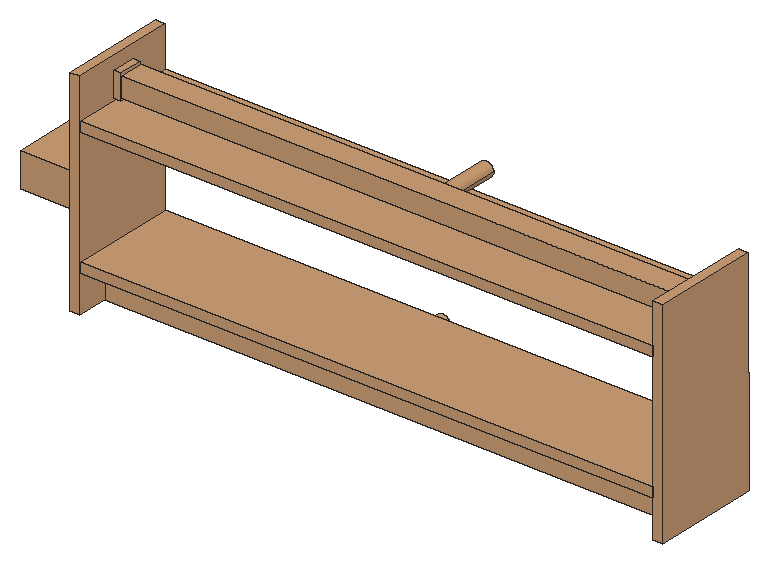
Revit family
Parameters
  Center Of Unit = 0' - 0"  # constant formula
  Water Pressure Drop [instance] = 0.00 psi
  Water Flow [instance] = 0 GPM
  Unit Weight (lbs) = 795
  URL = "http://www.ljwing.com/"
  Water Outlet Radius = 0' - 1 1/2"
  Water Outlet Odd sizes = 0' - 5 23/64"
  Total Heating Capacity [instance] = 0.0 Btu/h
  Temperature Rise [instance] = 0 °F
  Series = "VIFB"
  Outlet Area = 19.70 SF
  Number of Rows = 1  # constant formula
  Number of Coils [instance] = 0
  Nominal Length = 10' - 1 29/32"
  Model = "VA-11"
  Manufacturer = "LJ Wing"
  Leaving Water Temperature [instance] = 0 °F
  Leaving Air Temperature [instance] = 0 °F
  Face Velocity (FPM) [instance] = 0
  Entering Water Temperature [instance] = 0 °F
  Entering Air Temperature [instance] = 0 °F
  Description = "Vertical Integral Face & Bypass Water Heating Coils"
  Hot Water Odd Sizes = 0' - 5 23/64"
  Hot Water Inlet Offset = 0' - 4 3/8"  # constant formula
  Hot Water Inlet  Radius = 0' - 1 1/2"
  Coil Face Area = Outlet Area * 0.56  # 11.032 SF
  Casing Material = ""
  Assembly Code = "D3020300"
  Air Pressure Drop [instance] = 0.00 in-wg
  Air Inlet Width = Nominal Length - 0' 4"  # 9' - 9 29/32"
  Air Inlet Height = Y  # 2' - 0"
  Air Flow [instance] = 0 CFM
  Z = 0' - 2 1/8"
  Y = 2' - 0"
  S = 0' - 9 3/4"
  Product URL = "http://www.ljwing.com/html/vifb.asp"
  OmniClass = "23-75 70 21 14"
  Nominal Height = 3' - 8"
  Nominal Depth = 1' - 10"
  R = 0' - 10 1/4"
  Q = 0' - 3 61/64"
  P = 0' - 5 1/8"
  L = 0' - 5 15/16"
Reference planes (in)
  plane 1 "Center (Front/Back)": y = 0
  plane 2: z = -12
  plane 3 "Center (Left/Right)": x = 0
  plane 4: z = 22.25
  plane 5: x = -60.95312
  plane 6: x = 60.95313
  plane 7: z = -21.75
  plane 8: z = 0
  plane 9: y = -11
  plane 10: y = 11
  plane 11: z = 12
  plane 12: z = 14
  plane 13: z = -14
  plane 14: x = 58.95313
  plane 15: x = -58.95313
  plane 16: z = 17.125
  plane 17: z = -15.8125
  plane 18: x = -57
  plane 19: x = 57
  plane 20: y = 13.125
  plane 21: y = 15.375
  plane 22: x = -71.95313
  plane 23: x = 5.35938
  plane 24: x = -5.35937
  plane 25: z = 19.125
  plane 26: z = 15.125
  plane 27: y = -2.5
  plane 28: y = 2.5
  plane 29: y = -4.5
Forms (in)
  Extrusion 1, solid, material "Painted Finish"
    sketch origin (0, 6, -9.75) x (1, 0, 0) y (0, 0, 1)
      loop
        line (-60.95312, -12) -> (-58.95313, -12) -> (-58.95313, 32) -> (-60.95312, 32) -> (-60.95312, -12)
      loop
        line (60.95313, -12) -> (60.95313, 32) -> (58.95313, 32) -> (58.95313, -12) -> (60.95313, -12)
    from -5 to 17
  Extrusion 2, solid, material "Painted Finish"
    sketch origin (0, 6, 0) x (1, 0, 0) y (0, 0, 1)
      loop
        line (58.95313, -12) -> (-58.95313, -12) -> (-58.95313, -14) -> (58.95313, -14) -> (58.95313, -12)
      loop
        line (58.95313, 12) -> (58.95313, 14) -> (-58.95313, 14) -> (-58.95313, 12) -> (58.95313, 12)
    from -5 to 17
  Extrusion 3, solid, material "Painted Finish"
    sketch origin (0, 10, -0.5) x (1, 0, 0) y (0, 0, 1)
      loop
        line (-60.95312, 4) -> (-71.95313, 4) -> (-71.95313, -3) -> (-60.95312, -3) -> (-60.95312, 4)
    from 0 to 20
  Extrusion 4, solid, material "Painted Finish"
    sketch origin (0, 6, 0) x (1, 0, 0) y (0, 0, 1)
      loop
        line (-57.32813, 19.125) -> (-57.32813, 15.125) -> (57.32813, 15.125) -> (57.32813, 19.125) -> (-57.32813, 19.125)
    from 3.5 to 8.5
  Extrusion 5, solid, material "Painted Finish"
    sketch origin (0, 0, 0) x (1, 0, 0) y (0, 0, 1)
      loop
        line (-57.32813, 14.625) -> (-57.32813, 19.625) -> (-58.95313, 19.625) -> (-58.95313, 14.625) -> (-57.32813, 14.625)
      loop
        line (58.95313, 14.625) -> (58.95313, 19.625) -> (57.32813, 19.625) -> (57.32813, 14.625) -> (58.95313, 14.625)
    from -2.5 to 2.5
  Extrusion 6, solid, material "Painted Finish"
    sketch origin (0, 23, 0) x (1, 0, 0) y (0, 0, 1)
      loop
        circle (5.35938, 17.125) r 1.5
    from 9.875 to 20.5
  Extrusion 7, solid, material "Painted Finish"
    sketch origin (0, 6, 0) x (1, 0, 0) y (0, 0, 1)
      loop
        line (-58.95313, -14) -> (-58.95313, -21.75) -> (58.95313, -21.75) -> (58.95313, -14) -> (-58.95313, -14)
    from -5 to 10.5
  Extrusion 8, solid, material "Painted Finish"
    sketch origin (0, 23, 0) x (1, 0, 0) y (0, 0, 1)
      loop
        circle (-5.35937, -15.8125) r 1.5
    from 7.625 to 12
  Extrusion 9, void
    sketch origin (0, 0, 0) x (1, 0, 0) y (0, 0, 1)
      loop
        line (-58.95313, 12) -> (-58.95313, -12) -> (58.95313, -12) -> (58.95313, 12) -> (-58.95313, 12)
    from -11 to 11
Cuts and joins
  Extrusion 9 cuts Extrusion 1
  Extrusion 9 cuts Extrusion 2
Dimensions and locks (in)
  "Nominal Length": plane 6 to plane 5
  equal spacing: plane 6, plane 3 "Center (Left/Right)", plane 5
  "S": plane 2 to plane 7
  "Nominal Depth": plane 10 to plane 9
  equal spacing: plane 10, plane 1 "Center (Front/Back)", plane 9
  "Y": plane 11 to plane 2
  "R": plane 4 to plane 11
  locked: plane 12 to plane 11 at 2
  locked: plane 2 to plane 13 at 2
  "P": plane 4 to plane 16
  "L": plane 17 to plane 7
  "Q": plane 18 to plane 5
  "Q": plane 6 to plane 19
  "Z": plane 20 to plane 10
  "Hot Water Inlet Offset": plane 21 to plane 10
  locked: plane 5 to plane 22 at 11
  locked: Extrusion 3 sketch curve to Extrusion 3 sketch curve at 7
  locked: Extrusion 3 to Extrusion 3 at 20
  locked: plane 6 to plane 14 at 2
  locked: plane 15 to plane 5 at 2
  "Water Outlet Odd sizes": plane 23 to plane 3 "Center (Left/Right)"
  "Hot Water Odd Sizes": plane 3 "Center (Left/Right)" to plane 24
  equal spacing: plane 25, plane 16, plane 26
  locked: Extrusion 5 sketch curve to plane 25 at 0.5
  locked: plane 26 to Extrusion 5 sketch curve at 0.5
  locked: Extrusion 6 sketch curve to plane 16 at 0
  locked: Extrusion 6 sketch curve to plane 23 at 0
  locked: Extrusion 8 sketch curve to plane 17 at 0
  locked: Extrusion 8 sketch curve to plane 24 at 0
  locked: plane 25 to plane 26 at 4
  locked: plane 28 to plane 27 at 5
  equal spacing: plane 28, plane 1 "Center (Front/Back)", plane 27
  locked: plane 27 to plane 29 at 2
  plane 4 to plane 7 = 3' - 8"
  locked: Extrusion 5 sketch curve to Extrusion 1 at 1.625
  locked: Extrusion 5 sketch curve to Extrusion 5 sketch curve at 1.625
  locked: Extrusion 9 sketch curve to plane 11 at 0
  locked: Extrusion 9 sketch curve to plane 15 at 0
  locked: Extrusion 9 sketch curve to plane 14 at 0
  locked: Extrusion 9 sketch curve to plane 2 at 0
  equal spacing: plane 11, plane 8, plane 2
  "Water Outlet Radius": radius of Extrusion 6 sketch curve
  "Hot Water Inlet  Radius": radius of Extrusion 8 sketch curve
  aligned and locked: plane 9 to Extrusion 1
  aligned and locked: Extrusion 1 to plane 10
  aligned and locked: plane 15 to Extrusion 1
  aligned and locked: Extrusion 1 to plane 14
  aligned and locked: plane 9 to Extrusion 2
  aligned and locked: Extrusion 1 to plane 9
  aligned and locked: plane 10 to Extrusion 1  (x2)
  aligned and locked: Extrusion 2 to plane 10
  aligned and locked: plane 10 to Extrusion 2  (x2)
  aligned and locked: Extrusion 2 to plane 9  (x2)
  aligned and locked: plane 5 to Extrusion 3
  aligned and locked: Extrusion 5 sketch curve to plane 15
  aligned and locked: Extrusion 5 sketch curve to Extrusion 4
  aligned and locked: Extrusion 6 to plane 20
  aligned and locked: Extrusion 1 to Extrusion 7
  aligned and locked: plane 10 to Extrusion 8
  aligned and locked: Extrusion 8 to plane 21  (x2)
  aligned and locked: plane 27 to Extrusion 5
  aligned and locked: Extrusion 5 to Extrusion 4  (x2)
  aligned and locked: Extrusion 5 to plane 28
  aligned and locked: Extrusion 6 to Extrusion 4
  aligned and locked: plane 29 to Extrusion 7
  aligned and locked: Extrusion 8 to Extrusion 7
  aligned and locked: Extrusion 4 to Extrusion 5  (x2)
  aligned and locked: Extrusion 5 to Extrusion 1  (x2)
  aligned and locked: plane 2 to Extrusion 2
  aligned and locked: plane 6 to Extrusion 1 sketch curve
  aligned and locked: plane 14 to Extrusion 1 sketch curve
  aligned and locked: Extrusion 1 sketch curve to plane 15
  aligned and locked: Extrusion 1 sketch curve to plane 5
  aligned and locked: plane 7 to Extrusion 1 sketch curve
  aligned and locked: Extrusion 1 sketch curve to plane 7
  aligned and locked: Extrusion 1 sketch curve to plane 4  (x2)
  aligned and locked: Extrusion 2 sketch curve to plane 11
  aligned and locked: Extrusion 2 sketch curve to plane 12
  aligned and locked: Extrusion 2 sketch curve to plane 14  (x2)
  aligned and locked: Extrusion 2 sketch curve to plane 15  (x2)
  aligned and locked: Extrusion 2 sketch curve to plane 13
  aligned and locked: plane 2 to Extrusion 2 sketch curve
  aligned and locked: plane 13 to Extrusion 7 sketch curve
  aligned and locked: Extrusion 7 sketch curve to plane 7
  aligned and locked: Extrusion 7 sketch curve to plane 14
  aligned and locked: plane 15 to Extrusion 7 sketch curve
  aligned and locked: Extrusion 7 to plane 29
  aligned and locked: cut or joined group of Extrusion 1, Extrusion 9 to plane 10
Automatic sketch dimensions
  Extrusion 3 sketch curve to plane 22 = 0' - 0"
  Extrusion 3 sketch curve to plane 5 = 0' - 0"
  plane 8 to Extrusion 3 sketch curve = 0' - 3 1/2"
  Extrusion 4 sketch curve to plane 25 = 0' - 0"
  Extrusion 4 sketch curve to plane 26 = 0' - 0"
  Extrusion 4 sketch curve to plane 18 = 0' - 0 21/64"
  plane 19 to Extrusion 4 sketch curve = 0' - 0 21/64"
  plane 26 to Extrusion 5 sketch curve = 0' - 0 1/2"
  Extrusion 5 sketch curve to plane 25 = 0' - 0 1/2"
Connectors (in)
  hvac at (0, -11, 0), driven by "Air Inlet Height", driven by "Air Inlet Width", driven by "Air Flow", driven by "Air Pressure Drop"
    settings: on Extrusion 9, index 1
  hvac at (0, 11, 0), driven by "Air Pressure Drop", driven by "Air Inlet Height", driven by "Air Inlet Width", driven by "Air Flow"
    settings: on Extrusion 9, index 2
  piping at (5.35938, 13.125, 17.125), driven by "Water Flow", driven by "Water Outlet Radius", driven by "Water Pressure Drop"
    settings: on Extrusion 6, index 3
  piping at (-5.35937, 15.375, -15.8125), driven by "Water Flow", driven by "Water Pressure Drop", driven by "Hot Water Inlet  Radius"
    settings: on Extrusion 8, index 4
